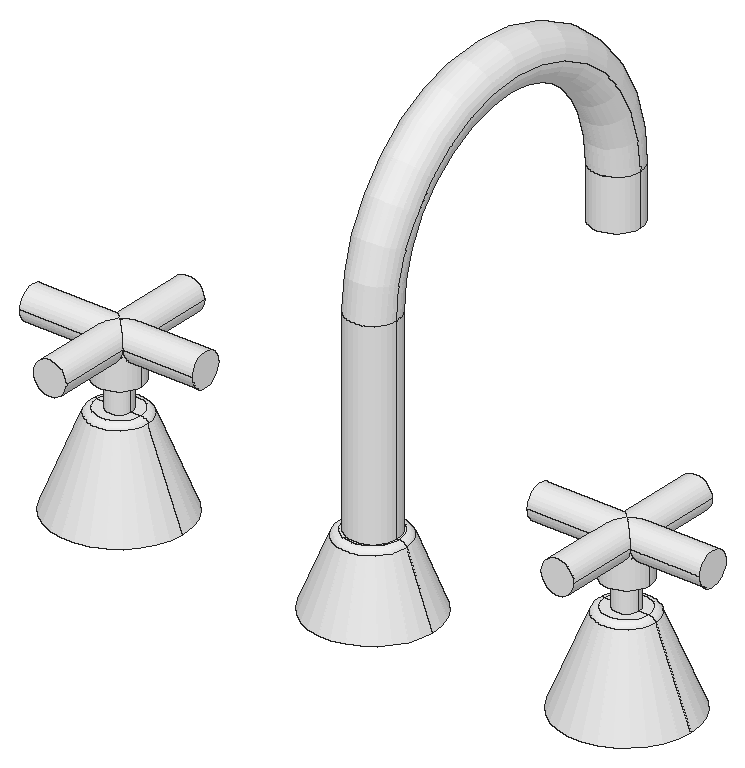
Revit family "Coolibah-Classic-Cross-Basin-Set-90300C5A", category Plumbing Fixtures, host Face, Revit 2015
Parameters (values of type "Coolibah-Classic-Cross-Basin-Set")
  Waste Connection = no
  Vent Connection = no
  URL = "https://www.caroma.com.au/"
  Model = "90300C5A"
  Material_Base = GWA_Metal-Chrome
  Manufacturer = "GWA Bathrooms & Kitchens"  # constant formula
  HW Connection = yes
  Description = "Coolibah-Classic-Cross-Basin-Set"
  Default Elevation = 900 mm
  CreatedBy_ANZRS = "GWA Bathrooms & Kitchens"  # constant formula
  CW Connection = yes
  Assembly Code = "C1030220"
Reference planes
  plane 1 "Center (Front/Back)": y = 0
  plane 2: z = 0
  plane 3 "Center (Left/Right)": x = 0
Forms (mm)
  Revolve 1, solid, material "GWA_Metal-Chrome" <- "Material_Base"
    sketch origin (-30.25, 0, 0) x (1, 0, 0) y (0, 0, 1)
      loop
        arc (-78.427, 36) -> (-80.104, 35.487) -> (-81.208, 34.124) r 3
        line (-81.208, 34.124) -> (-95, 0) -> (-69.75, 0) -> (-69.75, 36) -> (-78.427, 36)
      axis (-69.75, 36) -> (-69.75, 0)
    angle from 0 to 360
  Extrusion 2, solid, material "GWA_Metal-Chrome" <- "Material_Base"
    sketch origin (-30.25, 0, 0) x (1, 0, 0) y (0, 1, 0)
      loop
        circle (-69.75, 0) r 4.75
    from 36 to 46.5
  Extrusion 3, solid, material "GWA_Metal-Chrome" <- "Material_Base"
    sketch origin (-56.258, 0, -0.661) x (1, 0, 0) y (0, 0, 1)
      loop
        circle (-43.742, 61.861) r 6.4
    from -34 to 34
  Extrusion 4, solid, material "GWA_Metal-Chrome" <- "Material_Base"
    sketch origin (-30.25, 0, 0) x (1, 0, 0) y (0, 1, 0)
      loop
        circle (-69.75, 0) r 9
    from 46.5 to 61.2
  Extrusion 5, solid, material "GWA_Metal-Chrome" <- "Material_Base"
    sketch origin (-100, 43.742, -0.661) x (0, 1, 0) y (0, 0, 1)
      loop
        circle (-43.742, 61.861) r 6.4
    from -34 to 34
  Revolve 6, solid, material "GWA_Metal-Chrome" <- "Material_Base"
    sketch origin (0, 0, 0) x (1, 0, 0) y (0, 0, 1)
      loop
        line (0, 28) -> (-10.477, 28)
        arc (-10.477, 28) -> (-12.154, 27.487) -> (-13.258, 26.124) r 3
        line (-13.258, 26.124) -> (-23.817, 0) -> (0, 0) -> (0, 28)
      axis (0, 28) -> (0, 0)
    angle from 0 to 360
  Sweep 7, solid, material "GWA_Metal-Chrome" <- "Material_Base"
    path in 3D
      loop
        line (0, 120, 85) -> (0, 120, 105)
        arc (0, 120, 105) -> (0, 60, 165) -> (0, 0, 105) r 60
        line (0, 0, 105) -> (0, 0, 28)
    profile origin (0, 0, 66.5) x (1, 0, 0) y (0, 1, 0)
      loop
        circle (0, 0) r 9.5
  Revolve 8, solid, material "GWA_Metal-Chrome" <- "Material_Base"
    sketch origin (169.75, 0, 0) x (1, 0, 0) y (0, 0, 1)
      loop
        arc (-78.427, 36) -> (-80.104, 35.487) -> (-81.208, 34.124) r 3
        line (-81.208, 34.124) -> (-95, 0) -> (-69.75, 0) -> (-69.75, 36) -> (-78.427, 36)
      axis (-69.75, 36) -> (-69.75, 0)
    angle from 0 to 360
  Extrusion 9, solid, material "GWA_Metal-Chrome" <- "Material_Base"
    sketch origin (169.75, 0, 0) x (1, 0, 0) y (0, 1, 0)
      loop
        circle (-69.75, 0) r 4.75
    from 36 to 46.5
  Extrusion 10, solid, material "GWA_Metal-Chrome" <- "Material_Base"
    sketch origin (143.742, 0, -0.661) x (1, 0, 0) y (0, 0, 1)
      loop
        circle (-43.742, 61.861) r 6.4
    from -34 to 34
  Extrusion 11, solid, material "GWA_Metal-Chrome" <- "Material_Base"
    sketch origin (169.75, 0, 0) x (1, 0, 0) y (0, 1, 0)
      loop
        circle (-69.75, 0) r 9
    from 46.5 to 61.2
  Extrusion 12, solid, material "GWA_Metal-Chrome" <- "Material_Base"
    sketch origin (100, 43.742, -0.661) x (0, 1, 0) y (0, 0, 1)
      loop
        circle (-43.742, 61.861) r 6.4
    from -34 to 34
Lines and regions (mm)
  Masking region 1
    outline origin (0, 0, 0) x (1, 0, 0) y (0, 1, 0)
      loop
        line (-93.6, 34) -> (-106.4, 34) -> (-106.4, 24.425)
        arc (-106.4, 24.425) -> (-117.854, 17.854) -> (-124.425, 6.4) r 25.25
        line (-124.425, 6.4) -> (-134, 6.4) -> (-134, -6.4) -> (-124.425, -6.4)
        arc (-124.425, -6.4) -> (-117.854, -17.854) -> (-106.4, -24.425) r 25.25
        line (-106.4, -24.425) -> (-106.4, -34) -> (-93.6, -34) -> (-93.6, -24.425)
        arc (-93.6, -24.425) -> (-82.146, -17.854) -> (-75.575, -6.4) r 25.25
        line (-75.575, -6.4) -> (-66, -6.4) -> (-66, 6.4) -> (-75.575, 6.4)
        arc (-75.575, 6.4) -> (-82.146, 17.854) -> (-93.6, 24.425) r 25.25
        line (-93.6, 24.425) -> (-93.6, 34)
  Masking region 2
    outline origin (200, 0, 0) x (1, 0, 0) y (0, 1, 0)
      loop
        line (-93.6, 34) -> (-106.4, 34) -> (-106.4, 24.425)
        arc (-106.4, 24.425) -> (-117.854, 17.854) -> (-124.425, 6.4) r 25.25
        line (-124.425, 6.4) -> (-134, 6.4) -> (-134, -6.4) -> (-124.425, -6.4)
        arc (-124.425, -6.4) -> (-117.854, -17.854) -> (-106.4, -24.425) r 25.25
        line (-106.4, -24.425) -> (-106.4, -34) -> (-93.6, -34) -> (-93.6, -24.425)
        arc (-93.6, -24.425) -> (-82.146, -17.854) -> (-75.575, -6.4) r 25.25
        line (-75.575, -6.4) -> (-66, -6.4) -> (-66, 6.4) -> (-75.575, 6.4)
        arc (-75.575, 6.4) -> (-82.146, 17.854) -> (-93.6, 24.425) r 25.25
        line (-93.6, 24.425) -> (-93.6, 34)
  Masking region 3
    outline origin (0, 0, 0) x (1, 0, 0) y (0, 1, 0)
      loop
        arc (-23.817, 0) -> (0, -23.817) -> (23.817, 0) r 23.817
        arc (23.817, 0) -> (19.918, 13.057) -> (9.5, 21.84) r 23.817
        line (9.5, 21.84) -> (9.5, 120)
        arc (9.5, 120) -> (0, 129.5) -> (-9.5, 120) r 9.5
        line (-9.5, 120) -> (-9.5, 21.84)
        arc (-9.5, 21.84) -> (-19.918, 13.057) -> (-23.817, 0) r 23.817
  Masking region 4
    outline origin (0, 0, 0) x (1, 0, 0) y (0, 0, 1)
      loop
        arc (9.5, 165) -> (0, 174.5) -> (-9.5, 165) r 9.5
        line (-9.5, 165) -> (-9.5, 28) -> (-10.477, 28)
        arc (-10.477, 28) -> (-12.154, 27.487) -> (-13.258, 26.124) r 3
        line (-13.258, 26.124) -> (-23.817, 0) -> (23.817, 0) -> (13.258, 26.124)
        arc (13.258, 26.124) -> (12.154, 27.487) -> (10.477, 28) r 3
        line (10.477, 28) -> (9.5, 28) -> (9.5, 165)
  Masking region 5
    outline origin (-200, 0, 0) x (1, 0, 0) y (0, 0, 1)
      loop
        line (134, 67.6) -> (66, 67.6) -> (66, 54.8) -> (91.013, 54.8) -> (91.013, 46.5) -> (95.25, 46.5) -> (95.25, 36) -> (91.323, 36)
        arc (91.323, 36) -> (89.646, 35.487) -> (88.542, 34.124) r 3
        line (88.542, 34.124) -> (74.75, 0) -> (125.25, 0) -> (111.458, 34.124)
        arc (111.458, 34.124) -> (110.354, 35.487) -> (108.677, 36) r 3
        line (108.677, 36) -> (104.75, 36) -> (104.75, 46.5) -> (109, 46.5) -> (109, 54.8) -> (134, 54.8) -> (134, 67.6)
  Masking region 6
    outline origin (0, 0, 0) x (0, 1, 0) y (0, 0, 1)
      loop
        line (129.5, 85) -> (129.5, 105)
        arc (129.5, 105) -> (60, 174.5) -> (-9.5, 105) r 69.5
        line (-9.5, 105) -> (-9.5, 67.6) -> (-34, 67.6) -> (-34, 54.8) -> (-9.5, 54.8) -> (-9.5, 35.885)
        arc (-9.5, 35.885) -> (-10.683, 35.231) -> (-11.458, 34.124) r 3
        line (-11.458, 34.124) -> (-25.25, 0) -> (25.25, 0) -> (11.458, 34.124)
        arc (11.458, 34.124) -> (10.683, 35.231) -> (9.5, 35.885) r 3
        line (9.5, 35.885) -> (9.5, 54.8) -> (34, 54.8) -> (34, 67.6) -> (9.5, 67.6) -> (9.5, 105)
        arc (9.5, 105) -> (60, 155.5) -> (110.5, 105) r 50.5
        line (110.5, 105) -> (110.5, 85) -> (129.5, 85)
  Masking region 7
    outline origin (0, 0, 0) x (1, 0, 0) y (0, 0, 1)
      loop
        line (134, 67.6) -> (66, 67.6) -> (66, 54.8) -> (91.013, 54.8) -> (91.013, 46.5) -> (95.25, 46.5) -> (95.25, 36) -> (91.323, 36)
        arc (91.323, 36) -> (89.646, 35.487) -> (88.542, 34.124) r 3
        line (88.542, 34.124) -> (74.75, 0) -> (125.25, 0) -> (111.458, 34.124)
        arc (111.458, 34.124) -> (110.354, 35.487) -> (108.677, 36) r 3
        line (108.677, 36) -> (104.75, 36) -> (104.75, 46.5) -> (109, 46.5) -> (109, 54.8) -> (134, 54.8) -> (134, 67.6)
  sketch lines
    curve 1: line (0, 0, 105) -> (0, 0, 28)
    curve 2: arc (0, 0, 105) -> (0, 60, 165) -> (0, 120, 105) r 60
    curve 3: line (0, 120, 85) -> (0, 120, 105)
  symbolic lines
    curve 4: line (-106.4, 34, 0) -> (-93.6, 34, 0)
    curve 5: line (-93.6, 34, 0) -> (-93.6, 6.4, 0)
    curve 6: line (-93.6, -34, 0) -> (-106.4, -34, 0)
    curve 7: line (-106.4, -34, 0) -> (-106.4, -6.4, 0)
    curve 8: line (-134, 6.4, 0) -> (-106.4, 6.4, 0)
    curve 9: line (-66, 6.4, 0) -> (-66, -6.4, 0)
    curve 10: line (-66, -6.4, 0) -> (-93.6, -6.4, 0)
    curve 11: line (-134, -6.4, 0) -> (-134, 6.4, 0)
    curve 12: arc (-124.425, -6.4, 0) -> (-117.854, -17.854, 0) -> (-106.4, -24.425, 0) r 25.25
    curve 13: line (-93.6, -6.4, 0) -> (-93.6, -34, 0)
    curve 14: line (-106.4, 6.4, 0) -> (-106.4, 34, 0)
    curve 15: line (-93.6, 6.4, 0) -> (-66, 6.4, 0)
    curve 16: line (-106.4, -6.4, 0) -> (-134, -6.4, 0)
    curve 17: arc (-106.4, 24.425, 0) -> (-117.854, 17.854, 0) -> (-124.425, 6.4, 0) r 25.25
    curve 18: arc (-75.575, 6.4, 0) -> (-82.146, 17.854, 0) -> (-93.6, 24.425, 0) r 25.25
    curve 19: arc (-93.6, -24.425, 0) -> (-82.146, -17.854, 0) -> (-75.575, -6.4, 0) r 25.25
    curve 20: arc (23.817, 0, 0) -> (19.918, 13.057, 0) -> (9.5, 21.84, 0) r 23.817
    curve 21: arc (-23.817, 0, 0) -> (0, -23.817, 0) -> (23.817, 0, 0) r 23.817
    curve 22: line (9.5, 0, 0) -> (9.5, 120, 0)
    curve 23: arc (9.5, 120, 0) -> (0, 129.5, 0) -> (-9.5, 120, 0) r 9.5
    curve 24: line (-9.5, 120, 0) -> (-9.5, 0, 0)
    curve 25: arc (-9.5, 0, 0) -> (0, -9.5, 0) -> (9.5, 0, 0) r 9.5
    curve 26: arc (-9.5, 21.84, 0) -> (-19.918, 13.057, 0) -> (-23.817, 0, 0) r 23.817
    curve 27: line (93.6, 34, 0) -> (106.4, 34, 0)
    curve 28: line (106.4, 34, 0) -> (106.4, 6.4, 0)
    curve 29: line (106.4, -34, 0) -> (93.6, -34, 0)
    curve 30: line (93.6, -34, 0) -> (93.6, -6.4, 0)
    curve 31: line (66, 6.4, 0) -> (93.6, 6.4, 0)
    curve 32: line (134, 6.4, 0) -> (134, -6.4, 0)
    curve 33: line (134, -6.4, 0) -> (106.4, -6.4, 0)
    curve 34: line (66, -6.4, 0) -> (66, 6.4, 0)
    curve 35: arc (75.575, -6.4, 0) -> (82.146, -17.854, 0) -> (93.6, -24.425, 0) r 25.25
    curve 36: line (106.4, -6.4, 0) -> (106.4, -34, 0)
    curve 37: line (93.6, 6.4, 0) -> (93.6, 34, 0)
    curve 38: line (106.4, 6.4, 0) -> (134, 6.4, 0)
    curve 39: line (93.6, -6.4, 0) -> (66, -6.4, 0)
    curve 40: arc (93.6, 24.425, 0) -> (82.146, 17.854, 0) -> (75.575, 6.4, 0) r 25.25
    curve 41: arc (124.425, 6.4, 0) -> (117.854, 17.854, 0) -> (106.4, 24.425, 0) r 25.25
    curve 42: arc (106.4, -24.425, 0) -> (117.854, -17.854, 0) -> (124.425, -6.4, 0) r 25.25
    curve 43: line (23.817, 0, 0) -> (-23.817, 0, 0)
    curve 44: arc (-13.258, 0, 26.124) -> (-12.154, 0, 27.487) -> (-10.477, 0, 28) r 3
    curve 45: line (10.477, 0, 28) -> (-10.477, 0, 28)
    curve 46: arc (10.477, 0, 28) -> (12.154, 0, 27.487) -> (13.258, 0, 26.124) r 3
    curve 47: arc (9.5, 0, 165) -> (0, 0, 174.5) -> (-9.5, 0, 165) r 9.5
    curve 48: line (9.5, 0, 85) -> (-9.5, 0, 85)
    curve 49: line (-9.5, 0, 28) -> (-9.5, 0, 165)
    curve 50: line (9.5, 0, 165) -> (9.5, 0, 28)
    curve 51: line (-66, 0, 67.6) -> (-134, 0, 67.6)
    curve 52: line (-134, 0, 67.6) -> (-134, 0, 54.8)
    curve 53: line (-134, 0, 54.8) -> (-108.987, 0, 54.8)
    curve 54: line (-66, 0, 54.8) -> (-66, 0, 67.6)
    curve 55: arc (-106.4, 0, 61.2) -> (-107.178, 0, 57.792) -> (-108.987, 0, 54.8) r 11
    curve 56: arc (-93.6, 0, 61.2) -> (-92.822, 0, 57.792) -> (-91.014, 0, 54.8) r 11
    curve 57: line (-108.987, 0, 54.8) -> (-108.987, 0, 46.5)
    curve 58: line (-108.987, 0, 46.5) -> (-91, 0, 46.5)
    curve 59: line (-91, 0, 46.5) -> (-91, 0, 54.8)
    curve 60: line (-95.25, 0, 46.5) -> (-95.25, 0, 36)
    curve 61: line (-104.75, 0, 46.5) -> (-104.75, 0, 36)
    curve 62: line (-91.323, 0, 36) -> (-108.677, 0, 36)
    curve 63: arc (-91.323, 0, 36) -> (-89.646, 0, 35.487) -> (-88.542, 0, 34.124) r 3
    curve 64: arc (-108.677, 0, 36) -> (-110.354, 0, 35.487) -> (-111.458, 0, 34.124) r 3
    curve 65: line (-111.458, 0, 34.124) -> (-125.25, 0, 0)
    curve 66: line (-74.75, 0, 0) -> (-88.542, 0, 34.124)
    curve 67: line (-74.75, 0, 0) -> (-125.25, 0, 0)
    curve 68: circle (-100, 0, 61.2) r 6.4 normal (0, -1, 0)
    curve 69: line (-91.014, 0, 54.8) -> (-66, 0, 54.8)
    curve 70: line (0, -25.25, 0) -> (0, 25.25, 0)
    curve 71: line (0, -8.677, 36) -> (0, 8.677, 36)
    curve 72: line (0, -9, 46.5) -> (0, 9, 46.5)
    curve 73: line (0, 0, 67.6) -> (0, 34, 67.6)
    curve 74: line (0, 34, 67.6) -> (0, 34, 54.8)
    curve 75: line (0, 34, 54.8) -> (0, 9, 54.8)
    curve 76: line (0, -34, 67.6) -> (0, 0, 67.6)
    curve 77: line (0, -34, 54.8) -> (0, -9, 54.8)
    curve 78: line (0, -9, 46.5) -> (0, -9, 54.8)
    curve 79: line (0, 9, 46.5) -> (0, 9, 54.8)
    curve 80: arc (0, 9, 54.8) -> (0, 7.185, 57.791) -> (0, 6.4, 61.2) r 11
    curve 81: arc (0, -9, 54.8) -> (0, -7.185, 57.791) -> (0, -6.4, 61.2) r 11
    curve 82: circle (0, 0, 61.2) r 6.4 normal (1, 0, 0)
    curve 83: line (0, -4.75, 36) -> (0, -4.75, 46.5)
    curve 84: line (0, 4.75, 36) -> (0, 4.75, 46.5)
    curve 85: line (0, -11.458, 34.124) -> (0, -25.25, 0)
    curve 86: line (0, 11.458, 34.124) -> (0, 25.25, 0)
    curve 87: arc (0, -11.458, 34.124) -> (0, -10.354, 35.487) -> (0, -8.677, 36) r 3
    curve 88: arc (0, 8.677, 36) -> (0, 10.354, 35.487) -> (0, 11.458, 34.124) r 3
    curve 89: line (0, 9.5, 35.885) -> (0, 9.5, 54.8)
    curve 90: line (0, -9.5, 35.885) -> (0, -9.5, 54.8)
    curve 91: line (0, -9.5, 67.6) -> (0, -9.5, 105)
    curve 92: arc (0, -9.5, 105) -> (0, 60, 174.5) -> (0, 129.5, 105) r 69.5
    curve 93: arc (0, 9.5, 105) -> (0, 60, 155.5) -> (0, 110.5, 105) r 50.5
    curve 94: line (0, 110.5, 105) -> (0, 110.5, 85)
    curve 95: line (0, 129.5, 85) -> (0, 129.5, 105)
    curve 96: line (0, 9.5, 105) -> (0, 9.5, 67.6)
    curve 97: line (134, 0, 67.6) -> (66, 0, 67.6)
    curve 98: line (66, 0, 67.6) -> (66, 0, 54.8)
    curve 99: line (66, 0, 54.8) -> (91.013, 0, 54.8)
    curve 100: line (134, 0, 54.8) -> (134, 0, 67.6)
    curve 101: arc (93.6, 0, 61.2) -> (92.822, 0, 57.792) -> (91.013, 0, 54.8) r 11
    curve 102: arc (106.4, 0, 61.2) -> (107.178, 0, 57.792) -> (108.986, 0, 54.8) r 11
    curve 103: line (91.013, 0, 54.8) -> (91.013, 0, 46.5)
    curve 104: line (91.013, 0, 46.5) -> (109, 0, 46.5)
    curve 105: line (109, 0, 46.5) -> (109, 0, 54.8)
    curve 106: line (104.75, 0, 46.5) -> (104.75, 0, 36)
    curve 107: line (95.25, 0, 46.5) -> (95.25, 0, 36)
    curve 108: line (108.677, 0, 36) -> (91.323, 0, 36)
    curve 109: arc (108.677, 0, 36) -> (110.354, 0, 35.487) -> (111.458, 0, 34.124) r 3
    curve 110: arc (91.323, 0, 36) -> (89.646, 0, 35.487) -> (88.542, 0, 34.124) r 3
    curve 111: line (88.542, 0, 34.124) -> (74.75, 0, 0)
    curve 112: line (125.25, 0, 0) -> (111.458, 0, 34.124)
    curve 113: line (125.25, 0, 0) -> (74.75, 0, 0)
    curve 114: circle (100, 0, 61.2) r 6.4 normal (0, -1, 0)
    curve 115: line (108.986, 0, 54.8) -> (134, 0, 54.8)
Dimensions and locks
  aligned and locked: plane 2 to host face
  aligned and locked: level to host face
Connectors
  piping at (100, 0, 0), diameter 20
    settings: index 1, connector inside diameter 609.6 mm, connector length 0 mm, flow factor 0, pipe flow 0.0 L/s, pressure drop 0.0 Pa, fitting loss kfactor 0, connector angle 0.00°, fixture units 0, engagement length 0 mm, angle of deflection 0.00°, flow configuration 3, flow direction 1, fitting loss method 0, system type 19, joint type 0, gender type 0, connector reference index -1, connector utility 0, adjustable connector no, is connector primary yes, connector description ""
  piping at (-100, 0, 0), diameter 20
    settings: index 2, connector inside diameter 609.6 mm, connector length 0 mm, flow factor 0, pipe flow 0.0 L/s, pressure drop 0.0 Pa, fitting loss kfactor 0, connector angle 0.00°, fixture units 0, engagement length 0 mm, angle of deflection 0.00°, flow configuration 3, flow direction 1, fitting loss method 0, system type 20, joint type 0, gender type 0, connector reference index -1, connector utility 0, adjustable connector no, is connector primary no, connector description ""
